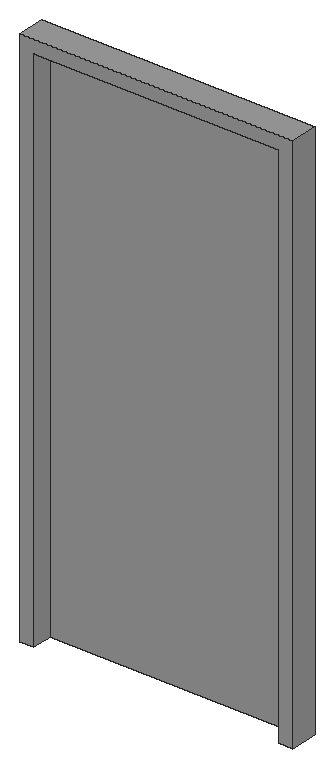
Revit family "TimberDoor-SinglePanel_JambCentre", category Doors, host Wall, Revit 2015
Parameters (values of type "2000h x 1000w")
  Website (Personal) [instance] = "http://revit.sg"
  JOIN ME!- Revit.SG = "http://revit.sg/signup_form.html"
  Function = Interior
  Frame Projection Ext. = 25 mm
  Frame Projection Int. = 25 mm
  Frame Width = 75 mm
  Height = 2000 mm
  Wall Closure = By host
  Width = 1000 mm
  Creator [instance] = "Gary Lim"  # constant formula
Types (3, lengths in mm): name | Website (Personal) | JOIN ME!- Revit.SG | Height | Width
  (no name) | "http://revit.sg" | "http://revit.sg/signup_form.html" | 2000 | 1000
  2000h x 1000w | "http://revit.sg" | "http://revit.sg/signup_form.html" | 2000 | 1000
  2200h x 1200w | "" | "" | 2200 | 1200
Reference planes
  plane 1: y = 0
  plane 2 "Center (Left/Right)": x = 0
  plane 3 "Left": x = -500
  plane 4 "Right": x = 500
  plane 5: z = 2000
  plane 6 "Exterior": y = 75
  plane 7 "Interior": y = -75
  plane 8: z = 1000
Forms (mm)
  Sweep 1, solid, material "Wood"
    path origin (0, 75, 0) x (1, 0, 0) y (0, 0, 1)
      loop
        line (500, 0) -> (500, 2000) -> (-500, 2000) -> (-500, 0)
    profile origin (500, 75, 1000) x (-1, 0, 0) y (0, -1, 0)
      loop
        line (0, 25) -> (50, 25) -> (50, 125) -> (0, 125) -> (0, 25)
  Extrusion 2, solid, material "Wood"
    sketch origin (0, 75, 0) x (1, 0, 0) y (0, 0, 1)
      loop
        line (450, 1950) -> (-450, 1950) -> (-450, 0) -> (450, 0) -> (450, 1950)
    from 0 to 50
Lines and regions (mm)
  Opening 1
    outline origin (-3050, -75, 0) x (1, 0, 0) y (0, 0, 1)
      loop
        line (2550, 0) -> (3550, 0) -> (3550, 2000) -> (2550, 2000) -> (2550, 0)
  symbolic lines, style "Elevation Swing"
    curve 1: arc (400, 900, 0) -> (-201.041, 651.041, 0) -> (-450, 50, 0) r 850
    curve 6: line (-450, 75, 0) -> (450, 75, 1000)
    curve 7: line (450, 75, 1000) -> (-450, 75, 1950)
  symbolic lines, style "DoorsPanelProjection"
    curve 2: line (450, 50, 0) -> (400, 50, 0)
    curve 3: line (450, 900, 0) -> (450, 50, 0)
    curve 4: line (400, 900, 0) -> (450, 900, 0)
    curve 5: line (400, 50, 0) -> (400, 900, 0)
Text (mm)
  text "Exterior" at (-2295.016, 1099.543, 0), in view "Ref. Level"
  text "Exterior" at (0, 1615.38, 3698.081), in view "Left"
  text "Exterior" at (0, 1036.032, 3874.932), in view "Right"
Dimensions and locks
  equal spacing: plane 3 "Left", plane 2 "Center (Left/Right)", plane 4 "Right"
  "Width": plane 3 "Left" to plane 4 "Right"
  "Height": plane 5 to host wall
  host wall to plane 5 = 2000 mm  (x2)
  locked: plane 6 "Exterior" to host wall at 0
  locked: plane 7 "Interior" to host wall
  equal spacing: level, plane 8, plane 5
  locked: Sweep 1 to host wall at 50  (x2)
  aligned and locked: plane 3 "Left" to Opening 1 sketch curve
  aligned and locked: plane 5 to Opening 1 sketch curve  (x2)
  aligned and locked: Opening 1 sketch curve to plane 4 "Right"
  aligned and locked: Opening 1 sketch curve to level
  aligned and locked: plane 1 to host wall
  aligned and locked: Sweep 1 sketch curve to host wall
  aligned and locked: Extrusion 2 sketch curve to Sweep 1  (x3)
  aligned and locked: Sweep 1 to Extrusion 2 sketch curve
  aligned and locked: host wall to Extrusion 2
  aligned and locked: curve 7 to Sweep 1  (x2)
  aligned and locked: Sweep 1 to curve 6
  aligned and locked: plane 8 to curve 6
  aligned and locked: Sweep 1 to curve 2
Automatic sketch dimensions
  plane 3 "Left" to Sweep 1 sketch curve = 0 mm
  plane 4 "Right" to Sweep 1 sketch curve = 0 mm
  Sweep 1 sketch curve to level = 0 mm  (x2)
  Sweep 1 sketch curve to plane 5 = 0 mm
  Sweep 1 sketch curve to profile plane = 50 mm
  Sweep 1 sketch curve to Sweep 1 sketch curve = 100 mm
  curve 1 to plane 3 "Left" = 50 mm
  plane 4 "Right" to curve 2 = 100 mm
  curve 1 to curve 3 = 50 mm
  curve 6 to level = 0 mm
  plane 5 to curve 7 = 50 mm
  plane 6 "Exterior" to Sweep 1 sketch curve = 25 mm
  curve 1 to curve 2 = 0 mm
